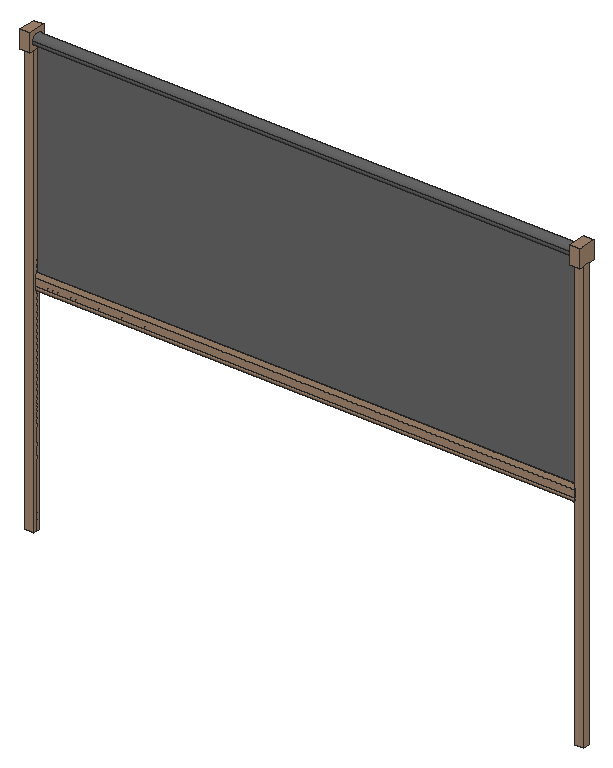
Revit family "Screen_LargeOpening_ExecutiveSeries-Recessed_PhantomScreens", category Doors, host Wall, Revit 2015
Parameters (values of type "Type as Specified")
  Visual Light Transmittance = 0
  URL = "http://www.phantomscreens.com/"
  Type Comments = ""
  Track = Dark Acacia
  Thermal Resistance (R) = 0.0000 (h·ft²·°F)/BTU
  Specification = "http://www.phantomscreens.com/architects-designers/specifications-binder/"
  Solar Heat Gain Coefficient = 0
  Slide Bar Height = 0' - 3 11/16"
  Slide Bar = Dark Acacia
  Sizing Notes [instance] = if(or((Width > 25' 0"), (Height > 16' 0")), "Exceeds Maximum Size", "Standard Size")  # "Standard Size"
  Screen = Phifer TuffScreen No-See-Um – Charcoal
  Sales Information = "http://www.phantomscreens.com/support/"
  RollerRad [instance] = Roller Size / 2  # 0' - 1 1/4"
  Roller Size [instance] = if(or((Width > 20' 0"), (Height > 11' 0")), 0' 5", (if(or((Width > 10' 0"), (Height > 8' 0")), 0' 4", 0' 2 1/2")))  # 0' - 2 1/2"
  Revision = "R1_08-2016"
  Recessed Track Width = 0' - 2 7/64"
  Recessed Track = 0' - 1 3/8"
  Product Properties = "http://www.phantomscreens.com/drive/uploads/2015/05/technical_specs_exec.pdf"
  Product Data = "http://www.arcat.com/arcatcos/cos9540/arc40535.html"
  Percent Open [instance] = 50
  Model = "Executive  Series Recessed"
  Manufacturer Website = "http://www.phantomscreens.com/"
  Manufacturer Phone - Toll Free = ""
  Manufacturer Phone = "604-855-3654"
  Manufacturer Fax = "604-855-7834"
  Manufacturer Address = "30451 Simpson Rd.; Abbotsford; BC; Canada V2T 6C7"
  Manufacturer = "Phantom Screens"
  Keynote = "08 11 00"
  Installation-Fabrication = "http://www.phantomscreens.com/architects-designers/options/"
  Housing Size [instance] = if(or((Width > 20' 0"), (Height > 11' 0")), 0' 7 1/8", (if(or((Width > 10' 0"), (Height > 8' 0")), 0' 5 1/2", 0' 4")))  # 0' - 4"
  Heat Transfer Coefficient (U) = 0.1000 BTU/(h·ft²·°F)
  Function = Interior
  Frame Projection Ext. = 0' - 1"
  Frame Projection Int. = 0' - 1"
  Frame Width = 0' - 3"
  Height [instance] = 8' - 0"
  Wall Closure = By host
  Width [instance] = 10' - 0"
  Drawn By = "Sumex Design - Robert S Weygant"
  Description = "Phantom Screens Executive  Series Recessed Screen"
  Copyright = "� 2016 ARCAT Inc."
  Construction Details = "http://www.arcat.com/details/phantoms/95prod3444.html"
  Assembly Code = "B2020400"
  Analytic Construction = "<None>"
  Amount Open [instance] = Height * (Percent Open / 100)  # 4' - 0"
Reference planes (in)
  plane 1 "Center (Front/Back)": y = 0
  plane 2 "Center (Left/Right)": x = 0
  plane 3 "Left": x = -60
  plane 4 "Right": x = 60
  plane 5 "Top": z = 96
  plane 6 "Exterior": y = 4
  plane 7 "Interior": y = -4
  plane 8: x = -62.10938
  plane 9: x = 62.10937
  plane 10: y = 0.51562
  plane 11: y = -0.51562
  plane 12: z = 51.6875
  plane 13: z = 48
  plane 14: y = 0.6875
  plane 15: y = -0.6875
  plane 16: z = 100
  plane 17: y = 0.26562
  plane 18: y = -0.25
  plane 19: y = 2
  plane 20: y = -2
  plane 21: y = 0.04687
  plane 22: y = -0.04687
  plane 23: z = 98
Forms (in)
  Extrusion 1, void
    sketch origin (0, 0, 0) x (1, 0, 0) y (0, 1, 0)
      loop
        line (60, 0.6875) -> (60, -0.6875) -> (62.10937, -0.6875) -> (62.10937, 0.6875) -> (60, 0.6875)
    from 0 to 96
  Extrusion 2, void
    sketch origin (0, 0, 0) x (1, 0, 0) y (0, 1, 0)
      loop
        line (-62.10938, 0.6875) -> (-62.10938, -0.6875) -> (-60, -0.6875) -> (-60, 0.6875) -> (-62.10938, 0.6875)
    from 0 to 96
  Extrusion 3, void
    sketch origin (0, 0, 0) x (0, 1, 0) y (0, 0, 1)
      loop
        line (2, 100) -> (-2, 100) -> (-2, 96) -> (2, 96) -> (2, 100)
    from -62.10937 to 62.10937
  Extrusion 4, solid, material "Dark Acacia" <- "Track"
    sketch origin (0, 0, 0) x (1, 0, 0) y (0, 1, 0)
      loop
        line (-62.10938, 0.6875) -> (-62.10938, -0.6875) -> (-60, -0.6875) -> (-60, -0.04687) -> (-60.25, -0.04687) -> (-60.25, 0.04687) -> (-60, 0.04687) -> (-60, 0.6875) -> (-62.10938, 0.6875)
    from 0 to 96
  Extrusion 5, solid, material "Dark Acacia" <- "Track"
    sketch origin (0, 0, 0) x (1, 0, 0) y (0, 1, 0)
      loop
        line (60, 0.6875) -> (60, 0.04687) -> (60.25, 0.04687) -> (60.25, -0.04687) -> (60, -0.04687) -> (60, -0.6875) -> (62.10937, -0.6875) -> (62.10937, 0.6875) -> (60, 0.6875)
    from 0 to 96
  Extrusion 6, solid, material "Dark Acacia" <- "Track"
    sketch origin (0, 0, 0) x (1, 0, 0) y (0, 1, 0)
      loop
        line (-62.10938, 2) -> (-62.10938, -2) -> (-60, -2) -> (-60, 2) -> (-62.10938, 2)
    from 96 to 100
  Extrusion 7, solid, material "Dark Acacia" <- "Track"
    sketch origin (0, 0, 0) x (1, 0, 0) y (0, 1, 0)
      loop
        line (60, 2) -> (60, -2) -> (62.10937, -2) -> (62.10937, 2) -> (60, 2)
    from 96 to 100
  Extrusion 8, solid, material "Phifer TuffScreen No-See-Um – Charcoal" <- "Screen"
    sketch origin (0, 0, 0) x (0, 1, 0) y (0, 0, 1)
      loop
        circle (0, 98) r 1.25
    from -60 to 60
  Extrusion 9, solid, material "Phifer TuffScreen No-See-Um – Charcoal" <- "Screen"
    sketch origin (0, 0, 0) x (0, 1, 0) y (0, 0, 1)
      loop
        line (0.04687, 98) -> (-0.04688, 98) -> (-0.04688, 51.6875) -> (0.04687, 51.6875) -> (0.04687, 98)
    from -60 to 60
  Extrusion 10, void
    sketch origin (0, 0, 0) x (1, 0, 0) y (0, 0, 1)
      loop
        line (-60, 0) -> (60, 0) -> (60, 96) -> (-60, 96) -> (-60, 0)
    from -4 to 4
  Extrusion 11, solid, material "Dark Acacia" <- "Slide Bar"
    sketch origin (0, 0, 0) x (0, 1, 0) y (0, 0, 1)
      loop
        line (0.51562, 50.6372) -> (0.26563, 51.6875) -> (-0.25, 51.6875) -> (-0.51562, 50.6372) -> (-0.51562, 48.99605) -> (-0.25086, 48.99605)
        arc (-0.25086, 48.99605) -> (0, 48.01748) -> (0.25086, 48.99605) r 0.52144
        line (0.25086, 48.99605) -> (0.51562, 48.99605) -> (0.51562, 50.6372)
    from -60 to 60
Cuts and joins
  Extrusion 10 cuts Extrusion 4
  Extrusion 10 cuts Extrusion 5
Lines and regions (in)
  symbolic lines, style "Elevation Swing"
    curve 1: line (-60, 0, 96) -> (0, 0, 0)
    curve 2: line (0, 0, 0) -> (60, 0, 96)
Text (in)
  text "Exterior" at (-74.96733, 27.31104, 0), in view "Ref. Level"
  text "Interior" at (-74.96733, -25.14366, 0), in view "Ref. Level"
  text "Exterior" at (0, 40.15149, 123.01588), in view "Right"
  text "Interior" at (0, -64.39139, 123.01588), in view "Right"
  text "Interior" at (0, -31.01599, 123.00693), in view "Left"
  text "Exterior" at (0, 54.57065, 123.00693), in view "Left"
Dimensions and locks (in)
  equal spacing: plane 3 "Left", plane 2 "Center (Left/Right)", plane 4 "Right"
  "Height": level to plane 5 "Top"
  "Width": plane 3 "Left" to plane 4 "Right"
  host wall to plane 5 "Top" = 8' - 0"
  "Slide Bar Height": plane 13 to plane 12
  equal spacing: plane 15, host wall, plane 14
  "Recessed Track": plane 15 to plane 14
  "Housing Size": plane 5 "Top" to plane 16
  "Recessed Track Width": plane 8 to plane 3 "Left"
  "Recessed Track Width": plane 4 "Right" to plane 9
  equal spacing: plane 19, plane 1 "Center (Front/Back)", plane 20
  "Housing Size": plane 19 to plane 20
  locked: plane 4 "Right" to Extrusion 5 sketch curve at 0.25
  locked: Extrusion 4 sketch curve to plane 3 "Left" at 0.25
  equal spacing: plane 16, plane 23, plane 5 "Top"
  locked: plane 12 to Extrusion 11 sketch curve at 2.69145  (x2)
  locked: plane 12 to Extrusion 11 sketch curve at 3.14859
  "Amount Open": level to plane 13
  "RollerRad": radius of Extrusion 8 sketch curve
  aligned and locked: plane 6 "Exterior" to host wall
  aligned and locked: plane 7 "Interior" to host wall
  aligned and locked: Extrusion 1 sketch curve to plane 14
  aligned and locked: Extrusion 1 sketch curve to plane 4 "Right"
  aligned and locked: Extrusion 1 sketch curve to plane 15
  aligned and locked: Extrusion 1 sketch curve to plane 9
  aligned and locked: Extrusion 1 to plane 5 "Top"
  aligned and locked: Extrusion 2 sketch curve to plane 14
  aligned and locked: Extrusion 2 sketch curve to plane 8
  aligned and locked: Extrusion 2 sketch curve to plane 15
  aligned and locked: plane 3 "Left" to Extrusion 2 sketch curve
  aligned and locked: Extrusion 2 to plane 5 "Top"
  aligned and locked: plane 16 to Extrusion 3 sketch curve
  aligned and locked: plane 19 to Extrusion 3 sketch curve
  aligned and locked: plane 5 "Top" to Extrusion 3 sketch curve
  aligned and locked: plane 20 to Extrusion 3 sketch curve
  aligned and locked: plane 9 to Extrusion 3
  aligned and locked: plane 8 to Extrusion 3
  aligned and locked: plane 5 "Top" to Extrusion 3
  aligned and locked: plane 16 to Extrusion 3  (x2)
  aligned and locked: Extrusion 4 sketch curve to Extrusion 2  (x4)
  aligned and locked: Extrusion 5 sketch curve to Extrusion 1  (x4)
  aligned and locked: Extrusion 6 sketch curve to Extrusion 3  (x3)
  aligned and locked: plane 3 "Left" to Extrusion 6 sketch curve
  aligned and locked: Extrusion 7 sketch curve to Extrusion 3  (x3)
  aligned and locked: Extrusion 7 sketch curve to plane 4 "Right"
  aligned and locked: plane 16 to Extrusion 7
  aligned and locked: plane 5 "Top" to Extrusion 7
  aligned and locked: plane 16 to Extrusion 6
  aligned and locked: plane 5 "Top" to Extrusion 6
  aligned and locked: plane 23 to Extrusion 9 sketch curve
  aligned and locked: Extrusion 9 sketch curve to plane 21
  aligned and locked: Extrusion 9 sketch curve to plane 12
  aligned and locked: Extrusion 9 sketch curve to plane 22
  aligned and locked: Extrusion 9 to plane 4 "Right"
  aligned and locked: plane 3 "Left" to Extrusion 9
  aligned and locked: plane 4 "Right" to Extrusion 1
  aligned and locked: Extrusion 4 to plane 3 "Left"  (x2)
  aligned and locked: Extrusion 1 to plane 4 "Right"
  aligned and locked: Extrusion 2 to plane 3 "Left"
  aligned and locked: Extrusion 9 to plane 3 "Left"
  aligned and locked: plane 4 "Right" to Extrusion 5
  aligned and locked: plane 4 "Right" to Extrusion 9
  aligned and locked: Extrusion 10 sketch curve to plane 4 "Right"
  aligned and locked: Extrusion 10 sketch curve to plane 5 "Top"
  aligned and locked: plane 3 "Left" to Extrusion 10 sketch curve
  aligned and locked: Extrusion 10 sketch curve to level
  aligned and locked: plane 23 to Extrusion 8 sketch curve
  aligned and locked: host wall to Extrusion 8 sketch curve
  aligned and locked: Extrusion 8 to plane 4 "Right"
  aligned and locked: plane 3 "Left" to Extrusion 8
  aligned and locked: Extrusion 4 to plane 5 "Top"
  aligned and locked: Extrusion 5 to plane 5 "Top"
  aligned and locked: plane 21 to Extrusion 5 sketch curve
  aligned and locked: plane 22 to Extrusion 5 sketch curve
  aligned and locked: Extrusion 4 sketch curve to plane 21
  aligned and locked: Extrusion 4 sketch curve to plane 22
  aligned and locked: plane 3 "Left" to Extrusion 4 sketch curve
  aligned and locked: plane 12 to Extrusion 11 sketch curve
  aligned and locked: Extrusion 11 sketch curve to plane 11
  aligned and locked: Extrusion 11 sketch curve to plane 10
  aligned and locked: host wall to Extrusion 10  (x2)
  aligned and locked: plane 3 "Left" to Extrusion 11
  aligned and locked: Extrusion 11 to plane 4 "Right"
Automatic sketch dimensions
  Extrusion 5 sketch curve to plane 4 "Right" = 0' - 0"
  Extrusion 11 sketch curve to plane 18 = 0' - 0"
  Extrusion 11 sketch curve to host wall = 0' - 0"
  Extrusion 11 sketch curve to plane 17 = 0' - 0"
  Extrusion 11 sketch curve to plane 18 = 0' - 0.00086"
  Extrusion 11 sketch curve to Extrusion 11 sketch curve = 0' - 0"
  Extrusion 11 sketch curve to plane 12 = 0' - 1.0503"
  curve 2 to plane 5 "Top" = 0' - 0"
  curve 1 to plane 5 "Top" = 0' - 0"
  plane 3 "Left" to curve 1 = 0' - 0"
  curve 2 to level = 0' - 0"
  curve 2 to plane 2 "Center (Left/Right)" = 0' - 0"
  plane 4 "Right" to curve 2 = 0' - 0"
